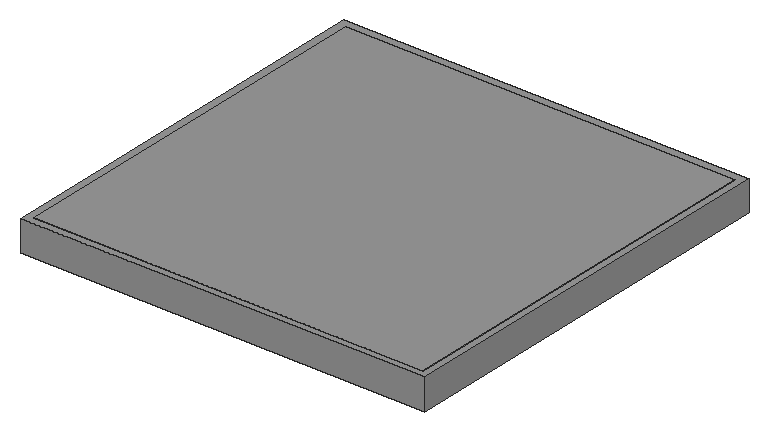
Revit family "ДВО-09 30 Вт Грильято DALI", category Осветительные приборы, Revit 2019 (continued)
Parameters (values of type "ДВО-09-О-30-3К-IP40-Грильято-DALI")
    62.5 644.3 625.5 606.7 587.4 568.2 548.4 528.9 509.0 489.1 468.8 448.8 428.2 407.8 387.1 366.6 345.6 325.0 304.0 283.4 262.5 242.3 221.7 201.9 182.0 162.7 143.6 124.9 107.4 90.3 74.6 59.7 46.8 35.2 26.0 18.6 13.5 10.1 7.9 6.9 6.3 6.1 6.2 6.2 6.2 6.2 6.3 6.4 0.0 0.0 0.0 0.0 0.0 0.0 0.0 0.0 0.0 0.0 0.0 0.0 0.0 0.0 0.0 0.0 0.0 0.0 0.0 0.0 0.0 0.0 0.0 0.0 0.0 0.0 0.0 0.0 0.0 0.0 0.0 0.0 0.0 0.0 0.0 0.0 0.0 0.0 0.0 0.0 0.0 0.0 0.0 0.0 0.0 0.0 0.0 0.0 0.0 0.0 0.0 0.0 0.0 0.0 0.0 0.0 0.0 0.0 0.0 0.0 0.0\r\n1213.1 1212.4 1211.2 1209.5 1207.3 1204.6 1201.4 1197.9 1193.9 1189.7 1184.8 1179.6 1173.9 1167.8 1161.1 1154.1 1146.5 1138.6 1130.3 1121.6 1112.5 1102.9 1093.3 1083.0 1072.6 1061.6 1050.5 1038.7 1027.0 1014.6 1002.0 989.0 975.7 961.8 947.9 933.7 919.2 904.6 889.6 874.5 859.0 843.5 827.5 811.2 794.7 777.8 760.8 743.6 726.1 708.5 690.7 672.6 654.3 635.8 617.2 598.2 579.1 559.8 540.3 520.6 500.6 480.7 460.3 440.2 419.4 399.0 378.2 357.6 336.7 316.2 295.3 275.0 254.3 234.4 214.1 194.5 175.0 156.0 137.2 119.1 101.8 85.3 70.0 55.8 43.3 32.6 23.9 17.1 12.4 9.3 7.5 6.7 6.4 6.3 6.4 6.4 6.3 6.4 6.5 6.6 0.0 0.0 0.0 0.0 0.0 0.0 0.0 0.0 0.0 0.0 0.0 0.0 0.0 0.0 0.0 0.0 0.0 0.0 0.0 0.0 0.0 0.0 0.0 0.0 0.0 0.0 0.0 0.0 0.0 0.0 0.0 0.0 0.0 0.0 0.0 0.0 0.0 0.0 0.0 0.0 0.0 0.0 0.0 0.0 0.0 0.0 0.0 0.0 0.0 0.0 0.0 0.0 0.0 0.0 0.0 0.0 0.0 0.0 0.0 0.0 0.0\r\n1213.1 1212.4 1211.0 1209.0 1206.6 1203.8 1200.3 1196.6 1192.3 1187.9 1182.9 1177.6 1171.6 1165.5 1158.5 1151.3 1143.5 1135.3 1126.8 1117.8 1108.6 1098.9 1089.1 1078.7 1068.2 1057.1 1045.8 1033.8 1021.8 1009.1 996.3 982.8 969.3 955.2 941.2 926.8 912.4 897.5 882.7 867.5 852.4 836.8 821.0 804.7 788.4 771.2 754.2 736.6 719.0 700.8 683.0 664.4 646.1 627.2 608.8 589.7 570.8 551.3 532.1 512.2 492.1 472.3 451.8 431.6 410.6 390.1 369.2 348.6 327.7 307.3 286.6 266.5 246.0 226.4 206.4 187.1 167.9 149.3 130.8 113.3 96.2 80.2 65.4 51.9 39.8 29.9 21.7 15.6 11.2 8.5 7.0 6.5 6.4 6.4 6.5 6.6 6.4 6.6 6.7 6.7 0.0 0.0 0.0 0.0 0.0 0.0 0.0 0.0 0.0 0.0 0.0 0.0 0.0 0.0 0.0 0.0 0.0 0.0 0.0 0.0 0.0 0.0 0.0 0.0 0.0 0.0 0.0 0.0 0.0 0.0 0.0 0.0 0.0 0.0 0.0 0.0 0.0 0.0 0.0 0.0 0.0 0.0 0.0 0.0 0.0 0.0 0.0 0.0 0.0 0.0 0.0 0.0 0.0 0.0 0.0 0.0 0.0 0.0 0.0 0.0 0.0\r\n1213.1 1212.5 1211.3 1209.5 1207.5 1205.0 1202.2 1198.8 1194.8 1190.7 1186.0 1181.0 1175.4 1169.1 1162.5 1155.4 1147.9 1140.1 1131.6 1123.0 1114.0 1104.9 1095.6 1085.8 1075.4 1064.4 1053.3 1041.6 1029.7 1017.2 1004.6 991.4 978.3 964.7 951.1 937.4 923.4 908.9 894.5 879.4 864.4 848.5 832.5 815.9 799.4 782.4 765.5 748.1 730.8 713.1 695.7 677.3 659.3 640.5 621.9 602.4 583.3 563.7 544.6 524.8 505.4 485.4 465.4 444.8 424.7 403.8 382.9 362.4 341.4 320.7 299.8 279.3 258.6 238.4 217.9 198.2 178.3 159.2 140.1 121.9 104.0 87.4 71.6 57.5 44.5 33.3 24.2 17.3 12.3 9.1 7.2 6.3 6.1 6.1 6.1 6.2 6.1 6.2 6.3 6.2 0.0 0.0 0.0 0.0 0.0 0.0 0.0 0.0 0.0 0.0 0.0 0.0 0.0 0.0 0.0 0.0 0.0 0.0 0.0 0.0 0.0 0.0 0.0 0.0 0.0 0.0 0.0 0.0 0.0 0.0 0.0 0.0 0.0 0.0 0.0 0.0 0.0 0.0 0.0 0.0 0.0 0.0 0.0 0.0 0.0 0.0 0.0 0.0 0.0 0.0 0.0 0.0 0.0 0.0 0.0 0.0 0.0 0.0 0.0 0.0 0.0\r\n1213.1 1212.5 1211.4 1209.7 1207.7 1205.2 1202.4 1199.0 1195.1 1191.1 1186.4 1181.3 1175.8 1169.6 1163.1 1156.1 1148.7 1141.0 1132.7 1124.2 1115.2 1105.9 1096.5 1086.6 1076.2 1065.2 1054.2 1042.6 1030.9 1018.7 1006.2 993.3 980.2 966.5 952.8 939.0 924.7 910.3 895.5 880.5 865.0 849.3 833.2 816.8 800.2 783.4 766.4 749.3 732.0 714.6 697.1 679.1 660.9 642.4 623.7 604.6 585.4 566.0 546.5 526.9 507.2 487.3 467.1 446.8 426.5 405.8 385.0 364.5 343.5 322.9 301.9 281.4 260.6 240.4 219.8 200.1 180.2 161.0 141.9 123.4 105.7 88.9 73.1 58.6 45.7 34.3 25.1 18.0 12.9 9.6 7.6 6.6 6.2 6.1 6.2 6.2 6.2 6.2 6.3 6.3 0.0 0.0 0.0 0.0 0.0 0.0 0.0 0.0 0.0 0.0 0.0 0.0 0.0 0.0 0.0 0.0 0.0 0.0 0.0 0.0 0.0 0.0 0.0 0.0 0.0 0.0 0.0 0.0 0.0 0.0 0.0 0.0 0.0 0.0 0.0 0.0 0.0 0.0 0.0 0.0 0.0 0.0 0.0 0.0 0.0 0.0 0.0 0.0 0.0 0.0 0.0 0.0 0.0 0.0 0.0 0.0 0.0 0.0 0.0 0.0 0.0\r\n1213.1 1212.4 1211.4 1209.9 1207.9 1205.4 1202.5 1199.2 1195.4 1191.4 1186.7 1181.5 1176.1 1170.0 1163.6 1156.8 1149.5 1141.8 1133.8 1125.3 1116.3 1106.9 1097.4 1087.3 1076.9 1066.0 1055.1 1043.6 1032.1 1020.1 1007.7 995.1 982.0 968.3 954.5 940.5 926.0 911.6 896.4 881.5 865.6 850.1 833.9 817.7 801.0 784.3 767.3 750.5 733.2 716.1 698.4 680.8 662.5 644.3 625.5 606.7 587.4 568.2 548.4 528.9 509.0 489.1 468.8 448.8 428.2 407.8 387.1 366.6 345.6 325.0 304.0 283.4 262.5 242.3 221.7 201.9 182.0 162.7 143.6 124.9 107.4 90.3 74.6 59.7 46.8 35.2 26.0 18.6 13.5 10.1 7.9 6.9 6.3 6.1 6.2 6.2 6.2 6.2 6.3 6.4 0.0 0.0 0.0 0.0 0.0 0.0 0.0 0.0 0.0 0.0 0.0 0.0 0.0 0.0 0.0 0.0 0.0 0.0 0.0 0.0 0.0 0.0 0.0 0.0 0.0 0.0 0.0 0.0 0.0 0.0 0.0 0.0 0.0 0.0 0.0 0.0 0.0 0.0 0.0 0.0 0.0 0.0 0.0 0.0 0.0 0.0 0.0 0.0 0.0 0.0 0.0 0.0 0.0 0.0 0.0 0.0 0.0 0.0 0.0 0.0 0.0\r\n1213.1 1212.4 1211.2 1209.5 1207.3 1204.6 1201.4 1197.9 1193.9 1189.7 1184.8 1179.6 1173.9 1167.8 1161.1 1154.1 1146.5 1138.6 1130.3 1121.6 1112.5 1102.9 1093.3 1083.0 1072.6 1061.6 1050.5 1038.7 1027.0 1014.6 1002.0 989.0 975.7 961.8 947.9 933.7 919.2 904.6 889.6 874.5 859.0 843.5 827.5 811.2 794.7 777.8 760.8 743.6 726.1 708.5 690.7 672.6 654.3 635.8 617.2 598.2 579.1 559.8 540.3 520.6 500.6 480.7 460.3 440.2 419.4 399.0 378.2 357.6 336.7 316.2 295.3 275.0 254.3 234.4 214.1 194.5 175.0 156.0 137.2 119.1 101.8 85.3 70.0 55.8 43.3 32.6 23.9 17.1 12.4 9.3 7.5 6.7 6.4 6.3 6.4 6.4 6.3 6.4 6.5 6.6 0.0 0.0 0.0 0.0 0.0 0.0 0.0 0.0 0.0 0.0 0.0 0.0 0.0 0.0 0.0 0.0 0.0 0.0 0.0 0.0 0.0 0.0 0.0 0.0 0.0 0.0 0.0 0.0 0.0 0.0 0.0 0.0 0.0 0.0 0.0 0.0 0.0 0.0 0.0 0.0 0.0 0.0 0.0 0.0 0.0 0.0 0.0 0.0 0.0 0.0 0.0 0.0 0.0 0.0 0.0 0.0 0.0 0.0 0.0 0.0 0.0\r\n1213.1 1212.4 1211.0 1209.0 1206.6 1203.8 1200.3 1196.6 1192.3 1187.9 1182.9 1177.6 1171.6 1165.5 1158.5 1151.3 1143.5 1135.3 1126.8 1117.8 1108.6 1098.9 1089.1 1078.7 1068.2 1057.1 1045.8 1033.8 1021.8 1009.1 996.3 982.8 969.3 955.2 941.2 926.8 912.4 897.5 882.7 867.5 852.4 836.8 821.0 804.7 788.4 771.2 754.2 736.6 719.0 700.8 683.0 664.4 646.1 627.2 608.8 589.7 570.8 551.3 532.1 512.2 492.1 472.3 451.8 431.6 410.6 390.1 369.2 348.6 327.7 307.3 286.6 266.5 246.0 226.4 206.4 187.1 167.9 149.3 130.8 113.3 96.2 80.2 65.4 51.9 39.8 29.9 21.7 15.6 11.2 8.5 7.0 6.5 6.4 6.4 6.5 6.6 6.4 6.6 6.7 6.7 0.0 0.0 0.0 0.0 0.0 0.0 0.0 0.0 0.0 0.0 0.0 0.0 0.0 0.0 0.0 0.0 0.0 0.0 0.0 0.0 0.0 0.0 0.0 0.0 0.0 0.0 0.0 0.0 0.0 0.0 0.0 0.0 0.0 0.0 0.0 0.0 0.0 0.0 0.0 0.0 0.0 0.0 0.0 0.0 0.0 0.0 0.0 0.0 0.0 0.0 0.0 0.0 0.0 0.0 0.0 0.0 0.0 0.0 0.0 0.0 0.0\r\n1213.1 1212.5 1211.3 1209.5 1207.5 1205.0 1202.2 1198.8 1194.8 1190.7 1186.0 1181.0 1175.4 1169.1 1162.5 1155.4 1147.9 1140.1 1131.6 1123.0 1114.0 1104.9 1095.6 1085.8 1075.4 1064.4 1053.3 1041.6 1029.7 1017.2 1004.6 991.4 978.3 964.7 951.1 937.4 923.4 908.9 894.5 879.4 864.4 848.5 832.5 815.9 799.4 782.4 765.5 748.1 730.8 713.1 695.7 677.3 659.3 640.5 621.9 602.4 583.3 563.7 544.6 524.8 505.4 485.4 465.4 444.8 424.7 403.8 382.9 362.4 341.4 320.7 299.8 279.3 258.6 238.4 217.9 198.2 178.3 159.2 140.1 121.9 104.0 87.4 71.6 57.5 44.5 33.3 24.2 17.3 12.3 9.1 7.2 6.3 6.1 6.1 6.1 6.2 6.1 6.2 6.3 6.2 0.0 0.0 0.0 0.0 0.0 0.0 0.0 0.0 0.0 0.0 0.0 0.0 0.0 0.0 0.0 0.0 0.0 0.0 0.0 0.0 0.0 0.0 0.0 0.0 0.0 0.0 0.0 0.0 0.0 0.0 0.0 0.0 0.0 0.0 0.0 0.0 0.0 0.0 0.0 0.0 0.0 0.0 0.0 0.0 0.0 0.0 0.0 0.0 0.0 0.0 0.0 0.0 0.0 0.0 0.0 0.0 0.0 0.0 0.0 0.0 0.0\r\n1213.1 1212.5 1211.4 1209.7 1207.7 1205.2 1202.4 1199.0 1195.1 1191.1 1186.4 1181.3 1175.8 1169.6 1163.1 1156.1 1148.7 1141.0 1132.7 1124.2 1115.2 1105.9 1096.5 1086.6 1076.2 1065.2 1054.2 1042.6 1030.9 1018.7 1006.2 993.3 980.2 966.5 952.8 939.0 924.7 910.3 895.5 880.5 865.0 849.3 833.2 816.8 800.2 783.4 766.4 749.3 732.0 714.6 697.1 679.1 660.9 642.4 623.7 604.6 585.4 566.0 546.5 526.9 507.2 487.3 467.1 446.8 426.5 405.8 385.0 364.5 343.5 322.9 301.9 281.4 260.6 240.4 219.8 200.1 180.2 161.0 141.9 123.4 105.7 88.9 73.1 58.6 45.7 34.3 25.1 18.0 12.9 9.6 7.6 6.6 6.2 6.1 6.2 6.2 6.2 6.2 6.3 6.3 0.0 0.0 0.0 0.0 0.0 0.0 0.0 0.0 0.0 0.0 0.0 0.0 0.0 0.0 0.0 0.0 0.0 0.0 0.0 0.0 0.0 0.0 0.0 0.0 0.0 0.0 0.0 0.0 0.0 0.0 0.0 0.0 0.0 0.0 0.0 0.0 0.0 0.0 0.0 0.0 0.0 0.0 0.0 0.0 0.0 0.0 0.0 0.0 0.0 0.0 0.0 0.0 0.0 0.0 0.0 0.0 0.0 0.0 0.0 0.0 0.0\r\n1213.1 1212.4 1211.4 1209.9 1207.9 1205.4 1202.5 1199.2 1195.4 1191.4 1186.7 1181.5 1176.1 1170.0 1163.6 1156.8 1149.5 1141.8 1133.8 1125.3 1116.3 1106.9 1097.4 1087.3 1076.9 1066.0 1055.1 1043.6 1032.1 1020.1 1007.7 995.1 982.0 968.3 954.5 940.5 926.0 911.6 896.4 881.5 865.6 850.1 833.9 817.7 801.0 784.3 767.3 750.5 733.2 716.1 698.4 680.8 662.5 644.3 625.5 606.7 587.4 568.2 548.4 528.9 509.0 489.1 468.8 448.8 428.2 407.8 387.1 366.6 345.6 325.0 304.0 283.4 262.5 242.3 221.7 201.9 182.0 162.7 143.6 124.9 107.4 90.3 74.6 59.7 46.8 35.2 26.0 18.6 13.5 10.1 7.9 6.9 6.3 6.1 6.2 6.2 6.2 6.2 6.3 6.4 0.0 0.0 0.0 0.0 0.0 0.0 0.0 0.0 0.0 0.0 0.0 0.0 0.0 0.0 0.0 0.0 0.0 0.0 0.0 0.0 0.0 0.0 0.0 0.0 0.0 0.0 0.0 0.0 0.0 0.0 0.0 0.0 0.0 0.0 0.0 0.0 0.0 0.0 0.0 0.0 0.0 0.0 0.0 0.0 0.0 0.0 0.0 0.0 0.0 0.0 0.0 0.0 0.0 0.0 0.0 0.0 0.0 0.0 0.0 0.0 0.0\r\n1213.1 1212.4 1211.2 1209.5 1207.3 1204.6 1201.4 1197.9 1193.9 1189.7 1184.8 1179.6 1173.9 1167.8 1161.1 1154.1 1146.5 1138.6 1130.3 1121.6 1112.5 1102.9 1093.3 1083.0 1072.6 1061.6 1050.5 1038.7 1027.0 1014.6 1002.0 989.0 975.7 961.8 947.9 933.7 919.2 904.6 889.6 874.5 859.0 843.5 827.5 811.2 794.7 777.8 760.8 743.6 726.1 708.5 690.7 672.6 654.3 635.8 617.2 598.2 579.1 559.8 540.3 520.6 500.6 480.7 460.3 440.2 419.4 399.0 378.2 357.6 336.7 316.2 295.3 275.0 254.3 234.4 214.1 194.5 175.0 156.0 137.2 119.1 101.8 85.3 70.0 55.8 43.3 32.6 23.9 17.1 12.4 9.3 7.5 6.7 6.4 6.3 6.4 6.4 6.3 6.4 6.5 6.6 0.0 0.0 0.0 0.0 0.0 0.0 0.0 0.0 0.0 0.0 0.0 0.0 0.0 0.0 0.0 0.0 0.0 0.0 0.0 0.0 0.0 0.0 0.0 0.0 0.0 0.0 0.0 0.0 0.0 0.0 0.0 0.0 0.0 0.0 0.0 0.0 0.0 0.0 0.0 0.0 0.0 0.0 0.0 0.0 0.0 0.0 0.0 0.0 0.0 0.0 0.0 0.0 0.0 0.0 0.0 0.0 0.0 0.0 0.0 0.0 0.0\r\n1213.1 1212.4 1211.0 1209.0 1206.6 1203.8 1200.3 1196.6 1192.3 1187.9 1182.9 1177.6 1171.6 1165.5 1158.5 1151.3 1143.5 1135.3 1126.8 1117.8 1108.6 1098.9 1089.1 1078.7 1068.2 1057.1 1045.8 1033.8 1021.8 1009.1 996.3 982.8 969.3 955.2 941.2 926.8 912.4 897.5 882.7 867.5 852.4 836.8 821.0 804.7 788.4 771.2 754.2 736.6 719.0 700.8 683.0 664.4 646.1 627.2 608.8 589.7 570.8 551.3 532.1 512.2 492.1 472.3 451.8 431.6 410.6 390.1 369.2 348.6 327.7 307.3 286.6 266.5 246.0 226.4 206.4 187.1 167.9 149.3 130.8 113.3 96.2 80.2 65.4 51.9 39.8 29.9 21.7 15.6 11.2 8.5 7.0 6.5 6.4 6.4 6.5 6.6 6.4 6.6 6.7 6.7 0.0 0.0 0.0 0.0 0.0 0.0 0.0 0.0 0.0 0.0 0.0 0.0 0.0 0.0 0.0 0.0 0.0 0.0 0.0 0.0 0.0 0.0 0.0 0.0 0.0 0.0 0.0 0.0 0.0 0.0 0.0 0.0 0.0 0.0 0.0 0.0 0.0 0.0 0.0 0.0 0.0 0.0 0.0 0.0 0.0 0.0 0.0 0.0 0.0 0.0 0.0 0.0 0.0 0.0 0.0 0.0 0.0 0.0 0.0 0.0 0.0\r\n1213.1 1212.5 1211.3 1209.5 1207.5 1205.0 1202.2 1198.8 1194.8 1190.7 1186.0 1181.0 1175.4 1169.1 1162.5 1155.4 1147.9 1140.1 1131.6 1123.0 1114.0 1104.9 1095.6 1085.8 1075.4 1064.4 1053.3 1041.6 1029.7 1017.2 1004.6 991.4 978.3 964.7 951.1 937.4 923.4 908.9 894.5 879.4 864.4 848.5 832.5 815.9 799.4 782.4 765.5 748.1 730.8 713.1 695.7 677.3 659.3 640.5 621.9 602.4 583.3 563.7 544.6 524.8 505.4 485.4 465.4 444.8 424.7 403.8 382.9 362.4 341.4 320.7 299.8 279.3 258.6 238.4 217.9 198.2 178.3 159.2 140.1 121.9 104.0 87.4 71.6 57.5 44.5 33.3 24.2 17.3 12.3 9.1 7.2 6.3 6.1 6.1 6.1 6.2 6.1 6.2 6.3 6.2 0.0 0.0 0.0 0.0 0.0 0.0 0.0 0.0 0.0 0.0 0.0 0.0 0.0 0.0 0.0 0.0 0.0 0.0 0.0 0.0 0.0 0.0 0.0 0.0 0.0 0.0 0.0 0.0 0.0 0.0 0.0 0.0 0.0 0.0 0.0 0.0 0.0 0.0 0.0 0.0 0.0 0.0 0.0 0.0 0.0 0.0 0.0 0.0 0.0 0.0 0.0 0.0 0.0 0.0 0.0 0.0 0.0 0.0 0.0 0.0 0.0\r\n1213.1 1212.5 1211.4 1209.7 1207.7 1205.2 1202.4 1199.0 1195.1 1191.1 1186.4 1181.3 1175.8 1169.6 1163.1 1156.1 1148.7 1141.0 1132.7 1124.2 1115.2 1105.9 1096.5 1086.6 1076.2 1065.2 1054.2 1042.6 1030.9 1018.7 1006.2 993.3 980.2 966.5 952.8 939.0 924.7 910.3 895.5 880.5 865.0 849.3 833.2 816.8 800.2 783.4 766.4 749.3 732.0 714.6 697.1 679.1 660.9 642.4 623.7 604.6 585.4 566.0 546.5 526.9 507.2 487.3 467.1 446.8 426.5 405.8 385.0 364.5 343.5 322.9 301.9 281.4 260.6 240.4 219.8 200.1 180.2 161.0 141.9 123.4 105.7 88.9 73.1 58.6 45.7 34.3 25.1 18.0 12.9 9.6 7.6 6.6 6.2 6.1 6.2 6.2 6.2 6.2 6.3 6.3 0.0 0.0 0.0 0.0 0.0 0.0 0.0 0.0 0.0 0.0 0.0 0.0 0.0 0.0 0.0 0.0 0.0 0.0 0.0 0.0 0.0 0.0 0.0 0.0 0.0 0.0 0.0 0.0 0.0 0.0 0.0 0.0 0.0 0.0 0.0 0.0 0.0 0.0 0.0 0.0 0.0 0.0 0.0 0.0 0.0 0.0 0.0 0.0 0.0 0.0 0.0 0.0 0.0 0.0 0.0 0.0 0.0 0.0 0.0 0.0 0.0\r\n1213.1 1212.4 1211.4 1209.9 1207.9 1205.4 1202.5 1199.2 1195.4 1191.4 1186.7 1181.5 1176.1 1170.0 1163.6 1156.8 1149.5 1141.8 1133.8 1125.3 1116.3 1106.9 1097.4 1087.3 1076.9 1066.0 1055.1 1043.6 1032.1 1020.1 1007.7 995.1 982.0 968.3 954.5 940.5 926.0 911.6 896.4 881.5 865.6 850.1 833.9 817.7 801.0 784.3 767.3 750.5 733.2 716.1 698.4 680.8 662.5 644.3 625.5 606.7 587.4 568.2 548.4 528.9 509.0 489.1 468.8 448.8 428.2 407.8 387.1 366.6 345.6 325.0 304.0 283.4 262.5 242.3 221.7 201.9 182.0 162.7 143.6 124.9 107.4 90.3 74.6 59.7 46.8 35.2 26.0 18.6 13.5 10.1 7.9 6.9 6.3 6.1 6.2 6.2 6.2 6.2 6.3 6.4 0.0 0.0 0.0 0.0 0.0 0.0 0.0 0.0 0.0 0.0 0.0 0.0 0.0 0.0 0.0 0.0 0.0 0.0 0.0 0.0 0.0 0.0 0.0 0.0 0.0 0.0 0.0 0.0 0.0 0.0 0.0 0.0 0.0 0.0 0.0 0.0 0.0 0.0 0.0 0.0 0.0 0.0 0.0 0.0 0.0 0.0 0.0 0.0 0.0 0.0 0.0 0.0 0.0 0.0 0.0 0.0 0.0 0.0 0.0 0.0 0.0\r\n1213.1 1212.4 1211.2 1209.5 1207.3 1204.6 1201.4 1197.9 1193.9 1189.7 1184.8 1179.6 1173.9 1167.8 1161.1 1154.1 1146.5 1138.6 1130.3 1121.6 1112.5 1102.9 1093.3 1083.0 1072.6 1061.6 1050.5 1038.7 1027.0 1014.6 1002.0 989.0 975.7 961.8 947.9 933.7 919.2 904.6 889.6 874.5 859.0 843.5 827.5 811.2 794.7 777.8 760.8 743.6 726.1 708.5 690.7 672.6 654.3 635.8 617.2 598.2 579.1 559.8 540.3 520.6 500.6 480.7 460.3 440.2 419.4 399.0 378.2 357.6 336.7 316.2 295.3 275.0 254.3 234.4 214.1 194.5 175.0 156.0 137.2 119.1 101.8 85.3 70.0 55.8 43.3 32.6 23.9 17.1 12.4 9.3 7.5 6.7 6.4 6.3 6.4 6.4 6.3 6.4 6.5 6.6 0.0 0.0 0.0 0.0 0.0 0.0 0.0 0.0 0.0 0.0 0.0 0.0 0.0 0.0 0.0 0.0 0.0 0.0 0.0 0.0 0.0 0.0 0.0 0.0 0.0 0.0 0.0 0.0 0.0 0.0 0.0 0.0 0.0 0.0 0.0 0.0 0.0 0.0 0.0 0.0 0.0 0.0 0.0 0.0 0.0 0.0 0.0 0.0 0.0 0.0 0.0 0.0 0.0 0.0 0.0 0.0 0.0 0.0 0.0 0.0 0.0\r\n1213.1 1212.4 1211.0 1209.0 1206.6 1203.8 1200.3 1196.6 1192.3 1187.9 1182.9 1177.6 1171.6 1165.5 1158.5 1151.3 1143.5 1135.3 1126.8 1117.8 1108.6 1098.9 1089.1 1078.7 1068.2 1057.1 1045.8 1033.8 1021.8 1009.1 996.3 982.8 969.3 955.2 941.2 926.8 912.4 897.5 882.7 867.5 852.4 836.8 821.0 804.7 788.4 771.2 754.2 736.6 719.0 700.8 683.0 664.4 646.1 627.2 608.8 589.7 570.8 551.3 532.1 512.2 492.1 472.3 451.8 431.6 410.6 390.1 369.2 348.6 327.7 307.3 286.6 266.5 246.0 226.4 206.4 187.1 167.9 149.3 130.8 113.3 96.2 80.2 65.4 51.9 39.8 29.9 21.7 15.6 11.2 8.5 7.0 6.5 6.4 6.4 6.5 6.6 6.4 6.6 6.7 6.7 0.0 0.0 0.0 0.0 0.0 0.0 0.0 0.0 0.0 0.0 0.0 0.0 0.0 0.0 0.0 0.0 0.0 0.0 0.0 0.0 0.0 0.0 0.0 0.0 0.0 0.0 0.0 0.0 0.0 0.0 0.0 0.0 0.0 0.0 0.0 0.0 0.0 0.0 0.0 0.0 0.0 0.0 0.0 0.0 0.0 0.0 0.0 0.0 0.0 0.0 0.0 0.0 0.0 0.0 0.0 0.0 0.0 0.0 0.0 0.0 0.0\r\n1213.1 1212.5 1211.3 1209.5 1207.5 1205.0 1202.2 1198.8 1194.8 1190.7 1186.0 1181.0 1175.4 1169.1 1162.5 1155.4 1147.9 1140.1 1131.6 1123.0 1114.0 1104.9 1095.6 1085.8 1075.4 1064.4 1053.3 1041.6 1029.7 1017.2 1004.6 991.4 978.3 964.7 951.1 937.4 923.4 908.9 894.5 879.4 864.4 848.5 832.5 815.9 799.4 782.4 765.5 748.1 730.8 713.1 695.7 677.3 659.3 640.5 621.9 602.4 583.3 563.7 544.6 524.8 505.4 485.4 465.4 444.8 424.7 403.8 382.9 362.4 341.4 320.7 299.8 279.3 258.6 238.4 217.9 198.2 178.3 159.2 140.1 121.9 104.0 87.4 71.6 57.5 44.5 33.3 24.2 17.3 12.3 9.1 7.2 6.3 6.1 6.1 6.1 6.2 6.1 6.2 6.3 6.2 0.0 0.0 0.0 0.0 0.0 0.0 0.0 0.0 0.0 0.0 0.0 0.0 0.0 0.0 0.0 0.0 0.0 0.0 0.0 0.0 0.0 0.0 0.0 0.0 0.0 0.0 0.0 0.0 0.0 0.0 0.0 0.0 0.0 0.0 0.0 0.0 0.0 0.0 0.0 0.0 0.0 0.0 0.0 0.0 0.0 0.0 0.0 0.0 0.0 0.0 0.0 0.0 0.0 0.0 0.0 0.0 0.0 0.0 0.0 0.0 0.0\r\n1213.1 1212.5 1211.4 1209.7 1207.7 1205.2 1202.4 1199.0 1195.1 1191.1 1186.4 1181.3 1175.8 1169.6 1163.1 1156.1 1148.7 1141.0 1132.7 1124.2 1115.2 1105.9 1096.5 1086.6 1076.2 1065.2 1054.2 1042.6 1030.9 1018.7 1006.2 993.3 980.2 966.5 952.8 939.0 924.7 910.3 895.5 880.5 865
